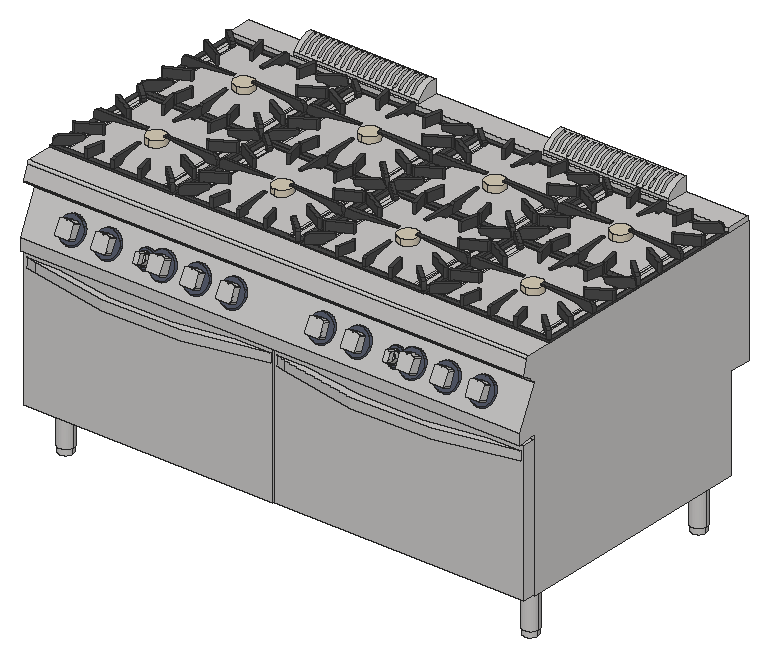
Revit family "QF_ZANUSSI_392017_Z9GCGP8SG0", category Specialty Equipment, Revit 2018
Family settings
  Round Connector Dimension = Use Diameter
  Part Type = Normal
  Work Plane-Based = No
  Always vertical = Yes
  Cut with Voids When Loaded = No
  Shared = No
  Room Calculation Point = No
Parameters
  Width = 1200 mm
  Weight in Pounds = 300  # constant formula
  Weight = 0.00 kg
  Watts = 0 W
  Volts = 0 V
  URL Manufacturer = "http://www.zanussiprofessional.com"
  URL Cutsheet = "www.electrolux.com"
  URL = "http://www.zanussiprofessional.com"
  Type Mark [instance] = ""
  Steam Supply Size = 0"
  Steam Supply Minimum Pressure = 0.00 psi
  Steam Supply Maximum Pressure = 0.00 psi
  Steam Pounds per Hour = 0
  Status [instance] = ""
  Specification by User [instance] = ""
  Specification by Manufacturer = ""
  Show Logo [instance] = yes
  Show Clearance [instance] = yes
  Serial Number = ""
  Seismic Rating = ""
  SMACNA No = ""
  Revision Code [instance] = ""
  Refrigeration Suction Line Size = 0"
  Refrigeration Liquid Line Size = 0"
  Refrigerant Compressor Remote = yes
  Phase = 0
  Omniclass Number and Title = ""
  NAFEM Spec ID Number = ""
  Model = "Z9GCGP8SG0"
  Mechanical Remarks [instance] = ""
  Mechanical Connection Type [instance] = ""
  Masterspec = ""
  Manufacturer = "Zanussi"
  Length Actual = 1600 mm  # constant formula
  Item Number [instance] = "392017"
  Installed By [instance] = ""
  Identify Quantity as Lot [instance] = yes
  Hot Water Size = 0"
  Height Actual = 850 mm  # constant formula
  Height = 908 mm
  HP = "0 HP"
  Gas Size = 1/2"  # constant formula
  Gas RI Height [instance] = 0 mm
  Gas KW [instance] = 73  # constant formula
  Gas Input [instance] = 2.44723 Btu/h
  Gas Connection Height = 0 mm
  Furnished By [instance] = ""
  Foodservice Equipment Identifier [instance] = yes
  Direct Waste Size = 0"
  Description = "8-BURNER GAS RANGE+2 OVENS 1600 MM"
  Depth Actual = 900 mm  # constant formula
  Depth = 915 mm
  Cycle = 0 Hz
  Condensate Return Size = 0"
  Compressed Air Volume = 0 GPM
  Compressed Air Size = 0"
  Compressed Air Pressure = 0.00 psi
  Cold Water Size = 0"
  CSI MasterFormat = ""
  CSI Master Format = ""
  Assembly Code = ""
  Accessory = yes
Reference planes
  plane 1 "BACK": y = 0
  plane 2: z = 0
  plane 3 "LEFT": x = 0
  plane 4 "RIGHT": x = 1600
  plane 5 "FRONT": y = -700
  plane 6 "TOP": z = 908
  plane 7 "Center Y": x = 800
  plane 8 "Center X": y = -350
  plane 9 "Base": z = 150
  plane 10: z = 850
  plane 11: y = -915
  plane 12: y = -1109
  plane 13: y = -128
  plane 14: y = -802
  plane 15: y = -1310
  plane 16: y = -665
  plane 17: x = 56
  plane 18: x = 1544
  plane 19: x = 749
Forms (mm)
  Extrusion 1, solid, material "QF_Finishes_Stainless Steel"
    sketch origin (0, 0, 0) x (0, 1, 0) y (0, 0, 1)
      loop
        line (0, 450.038) -> (0, 850) -> (-879.358, 850)
        arc (-879.358, 850) -> (-884.643, 847.811) -> (-886.833, 842.526) r 7.474
        line (-886.833, 842.526) -> (-899.884, 797.011)
        arc (-899.884, 797.011) -> (-899.396, 794.379) -> (-897, 793.184) r 3
        line (-897, 793.184) -> (-886.802, 793.184) -> (-854.982, 761.364) -> (-915, 640.508) -> (-915, 605.508) -> (-858.645, 613.428)
        arc (-858.645, 613.428) -> (-856.101, 612.674) -> (-855, 610.259) r 3.2
        line (-855, 610.259) -> (-855, 150) -> (-71, 150) -> (-71, 450.038) -> (0, 450.038)
      loop
        line (-900, 600) -> (-900, 155) -> (-860, 155) -> (-860, 600) -> (-900, 600)
    from 0 to 1600
  Extrusion 2, solid, material "QF_Finishes_Stainless Steel"
    sketch origin (0, 0, 0) x (0, -1, 0) y (0, 0, 1)
      loop
        line (0, 850) -> (76.2, 850) -> (76.2, 864.288) -> (0, 864.288) -> (0, 850)
    from 0 to -1600
  Extrusion 3, solid, material "QF_Finishes_Stainless Steel"
    sketch origin (0, -852.222, 150) x (1, 0, 0) y (0, -1, 0)
      loop
        circle (1549, -187.222) r 6.4
      loop
        circle (749, -187.222) r 6.4
    from 0 to 22
  Extrusion 4, solid, material "QF_Clearances", visible <- "Show Clearance", detail levels coarse
    sketch origin (0, -200, 0) x (1, 0, 0) y (0, 1, 0)
      loop
        line (-100, -715) -> (0, -715) -> (0, 200) -> (1600, 200) -> (1600, -715) -> (1700, -715) -> (1700, 300) -> (-100, 300) -> (-100, -715)
    from 0 to 908
  Extrusion 5, solid, material "QF_Finishes_Stainless Steel"
    sketch origin (0, -852.222, 150) x (1, 0, 0) y (0, -1, 0)
      loop
        circle (1557, -276.222) r 12.7
    from 0 to 5
  Revolve 6, solid, material "QF_Finishes_Stainless Steel"
    sketch origin (1, -128, 0) x (1, 0, 0) y (0, 0, 1)
      loop
        line (55, 0) -> (55, 150) -> (29.6, 150) -> (29.6, 19.05) -> (32.1, 19.05) -> (32.1, 0) -> (55, 0)
      axis (55, 0) -> (55, 150)
    angle from 0 to 360
  Revolve 7, solid, material "QF_Finishes_Stainless Steel"
    sketch origin (1, -802, 0) x (1, 0, 0) y (0, 0, 1)
      loop
        line (55, 0) -> (55, 150) -> (29.6, 150) -> (29.6, 19.05) -> (32.1, 19.05) -> (32.1, 0) -> (55, 0)
      axis (55, 0) -> (55, 150)
    angle from 0 to 360
  Extrusion 8, solid, material "QF_Finishes_Stainless Steel"
    sketch origin (1000, -200, 590.5) x (0, 1, 0) y (0, 0, -1)
      loop
        line (200, -273.788) -> (130.15, -273.788) -> (130.15, -283.312)
        arc (130.15, -283.312) -> (160.928, -308.879) -> (200, -317.5) r 84.854
        line (200, -317.5) -> (200, -273.788)
    from 400 to 800
  Extrusion 9, void
    sketch origin (1265.011, 0, 865.138) x (1, 0, 0) y (0, 1, 0)
      loop
        line (-695.005, -6.761) -> (-695.005, -63.911) -> (-685.709, -63.911) -> (-685.709, -6.761) -> (-695.005, -6.761)
      loop
        line (-713.697, -6.761) -> (-713.697, -63.911) -> (-704.401, -63.911) -> (-704.401, -6.761) -> (-713.697, -6.761)
      loop
        line (-732.39, -6.761) -> (-732.39, -63.911) -> (-723.094, -63.911) -> (-723.094, -6.761) -> (-732.39, -6.761)
      loop
        line (-751.082, -6.761) -> (-751.082, -63.911) -> (-741.787, -63.911) -> (-741.787, -6.761) -> (-751.082, -6.761)
      loop
        line (-769.775, -6.761) -> (-769.775, -63.911) -> (-760.479, -63.911) -> (-760.479, -6.761) -> (-769.775, -6.761)
      loop
        line (-788.468, -6.761) -> (-788.468, -63.911) -> (-779.172, -63.911) -> (-779.172, -6.761) -> (-788.468, -6.761)
      loop
        line (-807.16, -6.761) -> (-807.16, -63.911) -> (-797.864, -63.911) -> (-797.864, -6.761) -> (-807.16, -6.761)
      loop
        line (-825.853, -6.761) -> (-825.853, -63.911) -> (-816.557, -63.911) -> (-816.557, -6.761) -> (-825.853, -6.761)
      loop
        line (-844.545, -6.761) -> (-844.545, -63.911) -> (-835.25, -63.911) -> (-835.25, -6.761) -> (-844.545, -6.761)
      loop
        line (-863.238, -6.761) -> (-863.238, -63.911) -> (-853.942, -63.911) -> (-853.942, -6.761) -> (-863.238, -6.761)
      loop
        line (-881.931, -6.761) -> (-881.931, -63.911) -> (-872.635, -63.911) -> (-872.635, -6.761) -> (-881.931, -6.761)
      loop
        line (-900.623, -6.761) -> (-900.623, -63.911) -> (-891.328, -63.911) -> (-891.328, -6.761) -> (-900.623, -6.761)
      loop
        line (-919.316, -6.761) -> (-919.316, -63.911) -> (-910.02, -63.911) -> (-910.02, -6.761) -> (-919.316, -6.761)
      loop
        line (-938.008, -6.761) -> (-938.008, -63.911) -> (-928.713, -63.911) -> (-928.713, -6.761) -> (-938.008, -6.761)
      loop
        line (-956.701, -6.761) -> (-956.701, -63.911) -> (-947.405, -63.911) -> (-947.405, -6.761) -> (-956.701, -6.761)
      loop
        line (-975.394, -6.761) -> (-975.394, -63.911) -> (-966.098, -63.911) -> (-966.098, -6.761) -> (-975.394, -6.761)
      loop
        line (-994.086, -6.761) -> (-994.086, -63.911) -> (-984.791, -63.911) -> (-984.791, -6.761) -> (-994.086, -6.761)
      loop
        line (-1012.779, -6.761) -> (-1012.779, -63.911) -> (-1003.483, -63.911) -> (-1003.483, -6.761) -> (-1012.779, -6.761)
      loop
        line (-1031.472, -6.761) -> (-1031.472, -63.911) -> (-1022.176, -63.911) -> (-1022.176, -6.761) -> (-1031.472, -6.761)
      loop
        line (-1050.164, -6.761) -> (-1050.164, -63.911) -> (-1040.868, -63.911) -> (-1040.868, -6.761) -> (-1050.164, -6.761)
    from 9.525 to 45.348
  Revolve 10, solid, material "QF_Finishes_Stainless Steel"
    sketch origin (1599, -128, 0) x (-1, 0, 0) y (0, 0, -1)
      loop
        line (55, 0) -> (32.1, 0) -> (32.1, -19.05) -> (29.6, -19.05) -> (29.6, -150) -> (55, -150) -> (55, 0)
      axis (55, 0) -> (55, -150)
    angle from 0 to 360
  Revolve 11, solid, material "QF_Finishes_Stainless Steel"
    sketch origin (1599, -802, 0) x (-1, 0, 0) y (0, 0, -1)
      loop
        line (55, 0) -> (32.1, 0) -> (32.1, -19.05) -> (29.6, -19.05) -> (29.6, -150) -> (55, -150) -> (55, 0)
      axis (55, 0) -> (55, -150)
    angle from 0 to 360
  Extrusion 12, solid, material "QF_Finishes_Stainless Steel"
    sketch origin (1800, -200, 590.5) x (0, 1, 0) y (0, 0, -1)
      loop
        line (200, -273.788) -> (130.15, -273.788) -> (130.15, -283.312)
        arc (130.15, -283.312) -> (160.928, -308.879) -> (200, -317.5) r 84.854
        line (200, -317.5) -> (200, -273.788)
    from 400 to 800
  Extrusion 13, void
    sketch origin (2065.011, 0, 865.138) x (1, 0, 0) y (0, 1, 0)
      loop
        line (-695.005, -6.761) -> (-695.005, -63.911) -> (-685.709, -63.911) -> (-685.709, -6.761) -> (-695.005, -6.761)
      loop
        line (-713.697, -6.761) -> (-713.697, -63.911) -> (-704.401, -63.911) -> (-704.401, -6.761) -> (-713.697, -6.761)
      loop
        line (-732.39, -6.761) -> (-732.39, -63.911) -> (-723.094, -63.911) -> (-723.094, -6.761) -> (-732.39, -6.761)
      loop
        line (-751.082, -6.761) -> (-751.082, -63.911) -> (-741.787, -63.911) -> (-741.787, -6.761) -> (-751.082, -6.761)
      loop
        line (-769.775, -6.761) -> (-769.775, -63.911) -> (-760.479, -63.911) -> (-760.479, -6.761) -> (-769.775, -6.761)
      loop
        line (-788.468, -6.761) -> (-788.468, -63.911) -> (-779.172, -63.911) -> (-779.172, -6.761) -> (-788.468, -6.761)
      loop
        line (-807.16, -6.761) -> (-807.16, -63.911) -> (-797.864, -63.911) -> (-797.864, -6.761) -> (-807.16, -6.761)
      loop
        line (-825.853, -6.761) -> (-825.853, -63.911) -> (-816.557, -63.911) -> (-816.557, -6.761) -> (-825.853, -6.761)
      loop
        line (-844.545, -6.761) -> (-844.545, -63.911) -> (-835.25, -63.911) -> (-835.25, -6.761) -> (-844.545, -6.761)
      loop
        line (-863.238, -6.761) -> (-863.238, -63.911) -> (-853.942, -63.911) -> (-853.942, -6.761) -> (-863.238, -6.761)
      loop
        line (-881.931, -6.761) -> (-881.931, -63.911) -> (-872.635, -63.911) -> (-872.635, -6.761) -> (-881.931, -6.761)
      loop
        line (-900.623, -6.761) -> (-900.623, -63.911) -> (-891.328, -63.911) -> (-891.328, -6.761) -> (-900.623, -6.761)
      loop
        line (-919.316, -6.761) -> (-919.316, -63.911) -> (-910.02, -63.911) -> (-910.02, -6.761) -> (-919.316, -6.761)
      loop
        line (-938.008, -6.761) -> (-938.008, -63.911) -> (-928.713, -63.911) -> (-928.713, -6.761) -> (-938.008, -6.761)
      loop
        line (-956.701, -6.761) -> (-956.701, -63.911) -> (-947.405, -63.911) -> (-947.405, -6.761) -> (-956.701, -6.761)
      loop
        line (-975.394, -6.761) -> (-975.394, -63.911) -> (-966.098, -63.911) -> (-966.098, -6.761) -> (-975.394, -6.761)
      loop
        line (-994.086, -6.761) -> (-994.086, -63.911) -> (-984.791, -63.911) -> (-984.791, -6.761) -> (-994.086, -6.761)
      loop
        line (-1012.779, -6.761) -> (-1012.779, -63.911) -> (-1003.483, -63.911) -> (-1003.483, -6.761) -> (-1012.779, -6.761)
      loop
        line (-1031.472, -6.761) -> (-1031.472, -63.911) -> (-1022.176, -63.911) -> (-1022.176, -6.761) -> (-1031.472, -6.761)
      loop
        line (-1050.164, -6.761) -> (-1050.164, -63.911) -> (-1040.868, -63.911) -> (-1040.868, -6.761) -> (-1050.164, -6.761)
    from 9.525 to 45.348
  Blend 14, solid, material "QF_Finishes_Navy Blue"
    base sketch origin (1232.5, -884.991, 700.936) x (1, 0, 0) y (0, 0.446333, 0.894867)
      loop
        arc (-35.05, -24.037) -> (42.5, 0) -> (-35.05, 24.037) r 42.5
        arc (-35.05, 24.037) -> (-83, 0) -> (-35.05, -24.037) r 30
    top sketch origin (1232.5, -884.991, 700.936) x (1, 0, 0) y (0, 0.446333, 0.894867)
      loop
        arc (-34.578, -21.086) -> (40.5, 0) -> (-34.578, 21.086) r 40.5
        arc (-34.578, 21.086) -> (-81, 0) -> (-34.578, -21.086) r 28
    from 0 to 5
  Extrusion 15, solid, material "QF_Finishes_Stainless Steel"
    sketch origin (1000, -884.991, 700.936) x (1, 0, 0) y (0, 0.446333, 0.894867)
      loop
        circle (177.499, -0.341) r 20
    from 5 to 10
  Extrusion 16, void
    sketch origin (1232.5, -884.991, 700.936) x (1, 0, 0) y (0, -0.894867, 0.446333)
      loop
        line (-62.999, 24.837) -> (-62.999, 40) -> (-71.893, 40) -> (-71.893, 22) -> (-65.835, 22)
        arc (-65.835, 22) -> (-63.827, 22.828) -> (-62.999, 24.837) r 2.827
      loop
        arc (-47.003, 24.837) -> (-46.175, 22.828) -> (-44.167, 22) r 2.827
        line (-44.167, 22) -> (-38.109, 22) -> (-38.109, 40) -> (-47.003, 40) -> (-47.003, 24.837)
    from -20.019 to 20.019
  Extrusion 17, solid, material "QF_Finishes_Stainless Steel"
    sketch origin (1000, -884.991, 700.936) x (1, 0, 0) y (0, 0.446333, 0.894867)
      loop
        arc (211.353, 22.789) -> (210.006, 21.685) -> (209.5, 20.019) r 2.997
        line (209.5, 20.019) -> (209.5, -20.019)
        arc (209.5, -20.019) -> (210.378, -22.138) -> (212.497, -23.016) r 2.997
        line (212.497, -23.016) -> (252.503, -23.016)
        arc (252.503, -23.016) -> (254.622, -22.138) -> (255.5, -20.019) r 2.997
        line (255.5, -20.019) -> (255.5, 20.019)
        arc (255.5, 20.019) -> (254.994, 21.685) -> (253.647, 22.789) r 2.997
        arc (253.647, 22.789) -> (232.5, 26.984) -> (211.353, 22.789) r 55.4
    from 5 to 34
  Blend 18, solid, material "QF_Finishes_Navy Blue"
    base sketch origin (1342.5, -884.991, 700.936) x (1, 0, 0) y (0, 0.446333, 0.894867)
      loop
        circle (0, 0) r 42.5
    top sketch origin (1342.5, -884.991, 700.936) x (1, 0, 0) y (0, 0.446333, 0.894867)
      loop
        circle (0, 0) r 40.5
    from 0 to 5
  Extrusion 19, solid, material "QF_Finishes_Stainless Steel"
    sketch origin (1342.5, -884.991, 700.936) x (1, 0, 0) y (0, 0.446333, 0.894867)
      loop
        arc (-21.147, 22.789) -> (-22.494, 21.685) -> (-23, 20.019) r 2.997
        line (-23, 20.019) -> (-23, -20.019)
        arc (-23, -20.019) -> (-22.122, -22.138) -> (-20.003, -23.016) r 2.997
        line (-20.003, -23.016) -> (20.003, -23.016)
        arc (20.003, -23.016) -> (22.122, -22.138) -> (23, -20.019) r 2.997
        line (23, -20.019) -> (23, 20.019)
        arc (23, 20.019) -> (22.494, 21.685) -> (21.147, 22.789) r 2.997
        arc (21.147, 22.789) -> (0, 26.984) -> (-21.147, 22.789) r 55.4
    from 10 to 34
  Extrusion 20, solid, material "QF_Plastic-Black-Matte"
    sketch origin (1400, -884.991, 700.936) x (0, 0.446333, 0.894867) y (0, -0.894867, 0.446333)
      loop
        line (26.984, 34) -> (26.984, 19) -> (27.984, 19) -> (27.984, 34)
        arc (27.984, 34) -> (27.691, 34.707) -> (26.984, 35) r 1
        line (26.984, 35) -> (23.984, 35) -> (23.984, 34) -> (26.984, 34)
    from -58.5 to -56.5
  Extrusion 21, solid, material "QF_Finishes_Stainless Steel"
    sketch origin (1342.5, -884.991, 700.936) x (1, 0, 0) y (0, 0.446333, 0.894867)
      loop
        line (17.5, 17.5) -> (-17.5, 17.5) -> (-17.5, -17.5) -> (17.5, -17.5) -> (17.5, 17.5)
    from 5 to 10
  Extrusion 22, solid, material "QF_Plastic-Black-Matte"
    sketch origin (1400, -884.991, 700.936) x (0, 0.446333, 0.894867) y (0, 0.894867, -0.446333)
      loop
        line (26.984, -34) -> (23.984, -34) -> (23.984, -35) -> (26.984, -35)
        arc (26.984, -35) -> (27.691, -34.707) -> (27.984, -34) r 1
        line (27.984, -34) -> (27.984, -19) -> (26.984, -19) -> (26.984, -34)
    from -58.5 to -56.5
  Extrusion 23, solid, material "QF_Finishes_Stainless Steel"
    sketch origin (1457.5, -884.991, 700.936) x (-1, 0, 0) y (0, -0.446333, -0.894867)
      loop
        line (17.5, -17.5) -> (17.5, 17.5) -> (-17.5, 17.5) -> (-17.5, -17.5) -> (17.5, -17.5)
    from 5 to 10
  Blend 24, solid, material "QF_Finishes_Navy Blue"
    base sketch origin (1457.5, -884.991, 700.936) x (1, 0, 0) y (0, 0.446333, 0.894867)
      loop
        circle (0, 0) r 42.5
    top sketch origin (1457.5, -884.991, 700.936) x (1, 0, 0) y (0, 0.446333, 0.894867)
      loop
        circle (0, 0) r 40.5
    from 0 to 5
  Extrusion 25, solid, material "QF_Finishes_Stainless Steel"
    sketch origin (1457.5, -884.991, 700.936) x (-1, 0, 0) y (0, -0.446333, -0.894867)
      loop
        arc (-21.147, -22.789) -> (0, -26.984) -> (21.147, -22.789) r 55.4
        arc (21.147, -22.789) -> (22.494, -21.685) -> (23, -20.019) r 2.997
        line (23, -20.019) -> (23, 20.019)
        arc (23, 20.019) -> (22.122, 22.138) -> (20.003, 23.016) r 2.997
        line (20.003, 23.016) -> (-20.003, 23.016)
        arc (-20.003, 23.016) -> (-22.122, 22.138) -> (-23, 20.019) r 2.997
        line (-23, 20.019) -> (-23, -20.019)
        arc (-23, -20.019) -> (-22.494, -21.685) -> (-21.147, -22.789) r 2.997
    from 10 to 34
  Extrusion 26, solid, material "QF_Finishes_Stainless Steel"
    sketch origin (1000, -884.991, 700.936) x (1, 0, 0) y (0, 0.446333, 0.894867)
      loop
        circle (177.499, -0.341) r 16
    from 10 to 40
  Extrusion 27, solid, material "QF_Plastic-Black-Matte"
    sketch origin (1290, -884.991, 700.936) x (0, 0.446333, 0.894867) y (0, -0.894867, 0.446333)
      loop
        line (26.984, 34) -> (26.984, 19) -> (27.984, 19) -> (27.984, 34)
        arc (27.984, 34) -> (27.691, 34.707) -> (26.984, 35) r 1
        line (26.984, 35) -> (23.984, 35) -> (23.984, 34) -> (26.984, 34)
    from -58.5 to -56.5
  Blend 28, solid, material "QF_Finishes_Navy Blue"
    base sketch origin (942.5, -884.991, 700.936) x (1, 0, 0) y (0, 0.446333, 0.894867)
      loop
        circle (0, 0) r 42.5
    top sketch origin (942.5, -884.991, 700.936) x (1, 0, 0) y (0, 0.446333, 0.894867)
      loop
        circle (0, 0) r 40.5
    from 0 to 5
  Extrusion 29, solid, material "QF_Finishes_Stainless Steel"
    sketch origin (942.5, -884.991, 700.936) x (1, 0, 0) y (0, 0.446333, 0.894867)
      loop
        arc (-21.147, 22.789) -> (-22.494, 21.685) -> (-23, 20.019) r 2.997
        line (-23, 20.019) -> (-23, -20.019)
        arc (-23, -20.019) -> (-22.122, -22.138) -> (-20.003, -23.016) r 2.997
        line (-20.003, -23.016) -> (20.003, -23.016)
        arc (20.003, -23.016) -> (22.122, -22.138) -> (23, -20.019) r 2.997
        line (23, -20.019) -> (23, 20.019)
        arc (23, 20.019) -> (22.494, 21.685) -> (21.147, 22.789) r 2.997
        arc (21.147, 22.789) -> (0, 26.984) -> (-21.147, 22.789) r 55.4
    from 10 to 34
  Extrusion 30, solid, material "QF_Plastic-Black-Matte"
    sketch origin (1000, -884.991, 700.936) x (0, 0.446333, 0.894867) y (0, -0.894867, 0.446333)
      loop
        line (26.984, 34) -> (26.984, 19) -> (27.984, 19) -> (27.984, 34)
        arc (27.984, 34) -> (27.691, 34.707) -> (26.984, 35) r 1
        line (26.984, 35) -> (23.984, 35) -> (23.984, 34) -> (26.984, 34)
    from -58.5 to -56.5
  Extrusion 31, solid, material "QF_Finishes_Stainless Steel"
    sketch origin (942.5, -884.991, 700.936) x (1, 0, 0) y (0, 0.446333, 0.894867)
      loop
        line (17.5, 17.5) -> (-17.5, 17.5) -> (-17.5, -17.5) -> (17.5, -17.5) -> (17.5, 17.5)
    from 5 to 10
  Extrusion 32, solid, material "QF_Plastic-Black-Matte"
    sketch origin (1000, -884.991, 700.936) x (0, 0.446333, 0.894867) y (0, 0.894867, -0.446333)
      loop
        line (26.984, -34) -> (23.984, -34) -> (23.984, -35) -> (26.984, -35)
        arc (26.984, -35) -> (27.691, -34.707) -> (27.984, -34) r 1
        line (27.984, -34) -> (27.984, -19) -> (26.984, -19) -> (26.984, -34)
    from -58.5 to -56.5
  Extrusion 33, solid, material "QF_Finishes_Stainless Steel"
    sketch origin (1057.5, -884.991, 700.936) x (-1, 0, 0) y (0, -0.446333, -0.894867)
      loop
        line (17.5, -17.5) -> (17.5, 17.5) -> (-17.5, 17.5) -> (-17.5, -17.5) -> (17.5, -17.5)
    from 5 to 10
  Blend 34, solid, material "QF_Finishes_Navy Blue"
    base sketch origin (1057.5, -884.991, 700.936) x (1, 0, 0) y (0, 0.446333, 0.894867)
      loop
        circle (0, 0) r 42.5
    top sketch origin (1057.5, -884.991, 700.936) x (1, 0, 0) y (0, 0.446333, 0.894867)
      loop
        circle (0, 0) r 40.5
    from 0 to 5
  Extrusion 35, solid, material "QF_Finishes_Stainless Steel"
    sketch origin (1057.5, -884.991, 700.936) x (-1, 0, 0) y (0, -0.446333, -0.894867)
      loop
        arc (-21.147, -22.789) -> (0, -26.984) -> (21.147, -22.789) r 55.4
        arc (21.147, -22.789) -> (22.494, -21.685) -> (23, -20.019) r 2.997
        line (23, -20.019) -> (23, 20.019)
        arc (23, 20.019) -> (22.122, 22.138) -> (20.003, 23.016) r 2.997
        line (20.003, 23.016) -> (-20.003, 23.016)
        arc (-20.003, 23.016) -> (-22.122, 22.138) -> (-23, 20.019) r 2.997
        line (-23, 20.019) -> (-23, -20.019)
        arc (-23, -20.019) -> (-22.494, -21.685) -> (-21.147, -22.789) r 2.997
    from 10 to 34
  Blend 36, solid, material "QF_Finishes_Navy Blue"
    base sketch origin (432.5, -884.991, 700.936) x (1, 0, 0) y (0, 0.446333, 0.894867)
      loop
        arc (-35.05, -24.037) -> (42.5, 0) -> (-35.05, 24.037) r 42.5
        arc (-35.05, 24.037) -> (-83, 0) -> (-35.05, -24.037) r 30
    top sketch origin (432.5, -884.991, 700.936) x (1, 0, 0) y (0, 0.446333, 0.894867)
      loop
        arc (-34.578, -21.086) -> (40.5, 0) -> (-34.578, 21.086) r 40.5
        arc (-34.578, 21.086) -> (-81, 0) -> (-34.578, -21.086) r 28
    from 0 to 5
  Extrusion 37, solid, material "QF_Finishes_Stainless Steel"
    sketch origin (200, -884.991, 700.936) x (1, 0, 0) y (0, 0.446333, 0.894867)
      loop
        circle (177.499, -0.341) r 20
    from 5 to 10
  Extrusion 38, void
    sketch origin (432.5, -884.991, 700.936) x (1, 0, 0) y (0, -0.894867, 0.446333)
      loop
        line (-62.999, 24.837) -> (-62.999, 40) -> (-71.893, 40) -> (-71.893, 22) -> (-65.835, 22)
        arc (-65.835, 22) -> (-63.827, 22.828) -> (-62.999, 24.837) r 2.827
      loop
        arc (-47.003, 24.837) -> (-46.175, 22.828) -> (-44.167, 22) r 2.827
        line (-44.167, 22) -> (-38.109, 22) -> (-38.109, 40) -> (-47.003, 40) -> (-47.003, 24.837)
    from -20.019 to 20.019
  Extrusion 39, solid, material "QF_Finishes_Stainless Steel"
    sketch origin (200, -884.991, 700.936) x (1, 0, 0) y (0, 0.446333, 0.894867)
      loop
        arc (211.353, 22.789) -> (210.006, 21.685) -> (209.5, 20.019) r 2.997
        line (209.5, 20.019) -> (209.5, -20.019)
        arc (209.5, -20.019) -> (210.378, -22.138) -> (212.497, -23.016) r 2.997
        line (212.497, -23.016) -> (252.503, -23.016)
        arc (252.503, -23.016) -> (254.622, -22.138) -> (255.5, -20.019) r 2.997
        line (255.5, -20.019) -> (255.5, 20.019)
        arc (255.5, 20.019) -> (254.994, 21.685) -> (253.647, 22.789) r 2.997
        arc (253.647, 22.789) -> (232.5, 26.984) -> (211.353, 22.789) r 55.4
    from 5 to 34
  Blend 40, solid, material "QF_Finishes_Navy Blue"
    base sketch origin (542.5, -884.991, 700.936) x (1, 0, 0) y (0, 0.446333, 0.894867)
      loop
        circle (0, 0) r 42.5
    top sketch origin (542.5, -884.991, 700.936) x (1, 0, 0) y (0, 0.446333, 0.894867)
      loop
        circle (0, 0) r 40.5
    from 0 to 5
  Extrusion 41, solid, material "QF_Finishes_Stainless Steel"
    sketch origin (542.5, -884.991, 700.936) x (1, 0, 0) y (0, 0.446333, 0.894867)
      loop
        arc (-21.147, 22.789) -> (-22.494, 21.685) -> (-23, 20.019) r 2.997
        line (-23, 20.019) -> (-23, -20.019)
        arc (-23, -20.019) -> (-22.122, -22.138) -> (-20.003, -23.016) r 2.997
        line (-20.003, -23.016) -> (20.003, -23.016)
        arc (20.003, -23.016) -> (22.122, -22.138) -> (23, -20.019) r 2.997
        line (23, -20.019) -> (23, 20.019)
        arc (23, 20.019) -> (22.494, 21.685) -> (21.147, 22.789) r 2.997
        arc (21.147, 22.789) -> (0, 26.984) -> (-21.147, 22.789) r 55.4
    from 10 to 34
  Extrusion 42, solid, material "QF_Plastic-Black-Matte"
    sketch origin (600, -884.991, 700.936) x (0, 0.446333, 0.894867) y (0, -0.894867, 0.446333)
      loop
        line (26.984, 34) -> (26.984, 19) -> (27.984, 19) -> (27.984, 34)
        arc (27.984, 34) -> (27.691, 34.707) -> (26.984, 35) r 1
        line (26.984, 35) -> (23.984, 35) -> (23.984, 34) -> (26.984, 34)
    from -58.5 to -56.5
  Extrusion 43, solid, material "QF_Finishes_Stainless Steel"
    sketch origin (542.5, -884.991, 700.936) x (1, 0, 0) y (0, 0.446333, 0.894867)
      loop
        line (17.5, 17.5) -> (-17.5, 17.5) -> (-17.5, -17.5) -> (17.5, -17.5) -> (17.5, 17.5)
    from 5 to 10
  Extrusion 44, solid, material "QF_Plastic-Black-Matte"
    sketch origin (600, -884.991, 700.936) x (0, 0.446333, 0.894867) y (0, 0.894867, -0.446333)
      loop
        line (26.984, -34) -> (23.984, -34) -> (23.984, -35) -> (26.984, -35)
        arc (26.984, -35) -> (27.691, -34.707) -> (27.984, -34) r 1
        line (27.984, -34) -> (27.984, -19) -> (26.984, -19) -> (26.984, -34)
    from -58.5 to -56.5
  Extrusion 45, solid, material "QF_Finishes_Stainless Steel"
    sketch origin (657.5, -884.991, 700.936) x (-1, 0, 0) y (0, -0.446333, -0.894867)
      loop
        line (17.5, -17.5) -> (17.5, 17.5) -> (-17.5, 17.5) -> (-17.5, -17.5) -> (17.5, -17.5)
    from 5 to 10
  Blend 46, solid, material "QF_Finishes_Navy Blue"
    base sketch origin (657.5, -884.991, 700.936) x (1, 0, 0) y (0, 0.446333, 0.894867)
      loop
        circle (0, 0) r 42.5
    top sketch origin (657.5, -884.991, 700.936) x (1, 0, 0) y (0, 0.446333, 0.894867)
      loop
        circle (0, 0) r 40.5
    from 0 to 5
  Extrusion 47, solid, material "QF_Finishes_Stainless Steel"
    sketch origin (657.5, -884.991, 700.936) x (-1, 0, 0) y (0, -0.446333, -0.894867)
      loop
        arc (-21.147, -22.789) -> (0, -26.984) -> (21.147, -22.789) r 55.4
        arc (21.147, -22.789) -> (22.494, -21.685) -> (23, -20.019) r 2.997
        line (23, -20.019) -> (23, 20.019)
        arc (23, 20.019) -> (22.122, 22.138) -> (20.003, 23.016) r 2.997
        line (20.003, 23.016) -> (-20.003, 23.016)
        arc (-20.003, 23.016) -> (-22.122, 22.138) -> (-23, 20.019) r 2.997
        line (-23, 20.019) -> (-23, -20.019)
        arc (-23, -20.019) -> (-22.494, -21.685) -> (-21.147, -22.789) r 2.997
    from 10 to 34
  Extrusion 48, solid, material "QF_Finishes_Stainless Steel"
    sketch origin (200, -884.991, 700.936) x (1, 0, 0) y (0, 0.446333, 0.894867)
      loop
        circle (177.499, -0.341) r 16
    from 10 to 40
  Extrusion 49, solid, material "QF_Plastic-Black-Matte"
    sketch origin (490, -884.991, 700.936) x (0, 0.446333, 0.894867) y (0, -0.894867, 0.446333)
      loop
        line (26.984, 34) -> (26.984, 19) -> (27.984, 19) -> (27.984, 34)
        arc (27.984, 34) -> (27.691, 34.707) -> (26.984, 35) r 1
        line (26.984, 35) -> (23.984, 35) -> (23.984, 34) -> (26.984, 34)
    from -58.5 to -56.5
  Blend 50, solid, material "QF_Finishes_Navy Blue"
    base sketch origin (142.5, -884.991, 700.936) x (1, 0, 0) y (0, 0.446333, 0.894867)
      loop
        circle (0, 0) r 42.5
    top sketch origin (142.5, -884.991, 700.936) x (1, 0, 0) y (0, 0.446333, 0.894867)
      loop
        circle (0, 0) r 40.5
    from 0 to 5
  Extrusion 51, solid, material "QF_Finishes_Stainless Steel"
    sketch origin (142.5, -884.991, 700.936) x (1, 0, 0) y (0, 0.446333, 0.894867)
      loop
        arc (-21.147, 22.789) -> (-22.494, 21.685) -> (-23, 20.019) r 2.997
        line (-23, 20.019) -> (-23, -20.019)
        arc (-23, -20.019) -> (-22.122, -22.138) -> (-20.003, -23.016) r 2.997
        line (-20.003, -23.016) -> (20.003, -23.016)
        arc (20.003, -23.016) -> (22.122, -22.138) -> (23, -20.019) r 2.997
        line (23, -20.019) -> (23, 20.019)
        arc (23, 20.019) -> (22.494, 21.685) -> (21.147, 22.789) r 2.997
        arc (21.147, 22.789) -> (0, 26.984) -> (-21.147, 22.789) r 55.4
    from 10 to 34
  Extrusion 52, solid, material "QF_Plastic-Black-Matte"
    sketch origin (200, -884.991, 700.936) x (0, 0.446333, 0.894867) y (0, -0.894867, 0.446333)
      loop
        line (26.984, 34) -> (26.984, 19) -> (27.984, 19) -> (27.984, 34)
        arc (27.984, 34) -> (27.691, 34.707) -> (26.984, 35) r 1
        line (26.984, 35) -> (23.984, 35) -> (23.984, 34) -> (26.984, 34)
    from -58.5 to -56.5
  Extrusion 53, solid, material "QF_Finishes_Stainless Steel"
    sketch origin (142.5, -884.991, 700.936) x (1, 0, 0) y (0, 0.446333, 0.894867)
      loop
        line (17.5, 17.5) -> (-17.5, 17.5) -> (-17.5, -17.5) -> (17.5, -17.5) -> (17.5, 17.5)
    from 5 to 10
  Extrusion 54, solid, material "QF_Plastic-Black-Matte"
    sketch origin (200, -884.991, 700.936) x (0, 0.446333, 0.894867) y (0, 0.894867, -0.446333)
      loop
        line (26.984, -34) -> (23.984, -34) -> (23.984, -35) -> (26.984, -35)
        arc (26.984, -35) -> (27.691, -34.707) -> (27.984, -34) r 1
        line (27.984, -34) -> (27.984, -19) -> (26.984, -19) -> (26.984, -34)
    from -58.5 to -56.5
  Extrusion 55, solid, material "QF_Finishes_Stainless Steel"
    sketch origin (257.5, -884.991, 700.936) x (-1, 0, 0) y (0, -0.446333, -0.894867)
      loop
        line (17.5, -17.5) -> (17.5, 17.5) -> (-17.5, 17.5) -> (-17.5, -17.5) -> (17.5, -17.5)
    from 5 to 10
  Blend 56, solid, material "QF_Finishes_Navy Blue"
    base sketch origin (257.5, -884.991, 700.936) x (1, 0, 0) y (0, 0.446333, 0.894867)
      loop
        circle (0, 0) r 42.5
    top sketch origin (257.5, -884.991, 700.936) x (1, 0, 0) y (0, 0.446333, 0.894867)
      loop
        circle (0, 0) r 40.5
    from 0 to 5
  Extrusion 57, solid, material "QF_Finishes_Stainless Steel"
    sketch origin (257.5, -884.991, 700.936) x (-1, 0, 0) y (0, -0.446333, -0.894867)
      loop
        arc (-21.147, -22.789) -> (0, -26.984) -> (21.147, -22.789) r 55.4
        arc (21.147, -22.789) -> (22.494, -21.685) -> (23, -20.019) r 2.997
        line (23, -20.019) -> (23, 20.019)
        arc (23, 20.019) -> (22.122, 22.138) -> (20.003, 23.016) r 2.997
        line (20.003, 23.016) -> (-20.003, 23.016)
        arc (-20.003, 23.016) -> (-22.122, 22.138) -> (-23, 20.019) r 2.997
        line (-23, 20.019) -> (-23, -20.019)
        arc (-23, -20.019) -> (-22.494, -21.685) -> (-21.147, -22.789) r 2.997
    from 10 to 34
  Extrusion 58, solid, material "QF_Finishes_Stainless Steel"
    sketch origin (0, -1051.437, 153.2) x (1, 0, 0) y (0, -1, 0)
      loop
        circle (757.1, -277.437) r 6.4
    from 0 to 3.2
  Extrusion 59, solid, material "QF_Finishes_Door Clearance", visible <- "Show Clearance", detail levels coarse
    sketch origin (0, -200, 0) x (0, 1, 0) y (0, 0, 1)
      loop
        arc (-700, 600) -> (-991.621, 457.58) -> (-1108.972, 155) r 445
        line (-1108.972, 155) -> (-700, 155) -> (-700, 600)
    from 0 to 796.85
  Extrusion 60, solid, material "QF_Finishes_Stainless Steel"
    sketch origin (0, -200, 153.2) x (-1, 0, 0) y (0, -1, 0)
      loop
        line (-790, 700) -> (-696.395, 700)
        arc (-696.395, 700) -> (-400, 735) -> (-103.605, 700) r 1272.5
        line (-103.605, 700) -> (-10, 700)
        arc (-10, 700) -> (-27.217, 705.295) -> (-44.506, 710.35) r 1297.5
        arc (-44.506, 710.35) -> (-418.013, 759.875) -> (-790, 700) r 1297.5
    from 400 to 430
  Extrusion 61, solid, material "QF_Finishes_Door Clearance", visible <- "Show Clearance", detail levels coarse
    sketch origin (800, -200, 0) x (0, 1, 0) y (0, 0, 1)
      loop
        arc (-700, 600) -> (-991.621, 457.58) -> (-1108.972, 155) r 445
        line (-1108.972, 155) -> (-700, 155) -> (-700, 600)
    from 2.5 to 800
  Extrusion 62, solid, material "QF_Finishes_Stainless Steel"
    sketch origin (800, -200, 153.2) x (-1, 0, 0) y (0, -1, 0)
      loop
        line (-790, 700) -> (-696.395, 700)
        arc (-696.395, 700) -> (-400, 735) -> (-103.605, 700) r 1272.5
        line (-103.605, 700) -> (-10, 700)
        arc (-10, 700) -> (-27.217, 705.295) -> (-44.506, 710.35) r 1297.5
        arc (-44.506, 710.35) -> (-418.013, 759.875) -> (-790, 700) r 1297.5
    from 400 to 430
  Extrusion 63, void
    sketch origin (0, -700, -3.2) x (1, 0, 0) y (0, 0, 1)
      loop
        line (797.5, 158.2) -> (802.5, 158.2) -> (802.5, 603.2) -> (797.5, 603.2) -> (797.5, 158.2)
    from 160 to 200
Cuts and joins
  Extrusion 9, Extrusion 13 cuts Extrusion 8
  Extrusion 13 cuts Extrusion 12
  Extrusion 16, Extrusion 38 cuts Extrusion 26
  Extrusion 38 cuts Extrusion 48
  Extrusion 63 cuts Extrusion 1
  Extrusion 63 cuts Extrusion 59
  Extrusion 63 cuts Extrusion 61
Lines and regions (mm)
  Split face 1
    outline origin (1232.5, -889.465, 703.168) x (1, 0, 0) y (0, 0.446333, 0.894867)
      loop
        circle (0, 33) r 1
  Split face 2
    outline origin (1232.5, -889.465, 703.168) x (1, 0, 0) y (0, 0.446333, 0.894867)
      loop
        circle (-8.541, 31.876) r 1
  Split face 3
    outline origin (1232.5, -889.465, 703.168) x (1, 0, 0) y (0, 0.446333, 0.894867)
      loop
        circle (-16.5, 28.579) r 1
  Split face 4
    outline origin (1232.5, -889.465, 703.168) x (1, 0, 0) y (0, 0.446333, 0.894867)
      loop
        circle (-23.335, 23.335) r 1
  Split face 5
    outline origin (1232.5, -889.465, 703.168) x (1, 0, 0) y (0, 0.446333, 0.894867)
      loop
        circle (-28.579, 16.5) r 1
  Split face 6
    outline origin (1232.5, -889.465, 703.168) x (1, 0, 0) y (0, 0.446333, 0.894867)
      loop
        circle (-31.876, 8.541) r 1
  Split face 7
    outline origin (1232.5, -889.465, 703.168) x (1, 0, 0) y (0, 0.446333, 0.894867)
      loop
        circle (-33, 0) r 1
  Split face 8
    outline origin (1232.5, -889.465, 703.168) x (-1, 0, 0) y (0, 0.446333, 0.894867)
      loop
        circle (-8.541, 31.876) r 1
  Split face 9
    outline origin (1232.5, -889.465, 703.168) x (-1, 0, 0) y (0, 0.446333, 0.894867)
      loop
        circle (-16.5, 28.579) r 1
  Split face 10
    outline origin (1232.5, -889.465, 703.168) x (-1, 0, 0) y (0, 0.446333, 0.894867)
      loop
        circle (-23.335, 23.335) r 1
  Split face 11
    outline origin (1232.5, -889.465, 703.168) x (-1, 0, 0) y (0, 0.446333, 0.894867)
      loop
        circle (-28.579, 16.5) r 1
  Split face 12
    outline origin (1232.5, -889.465, 703.168) x (-1, 0, 0) y (0, 0.446333, 0.894867)
      loop
        circle (-31.876, 8.541) r 1
  Split face 13
    outline origin (1232.5, -889.465, 703.168) x (1, 0, 0) y (0, -0.446333, -0.894867)
      loop
        circle (0, 33) r 1
  Split face 14
    outline origin (1232.5, -889.465, 703.168) x (1, 0, 0) y (0, -0.446333, -0.894867)
      loop
        circle (-8.541, 31.876) r 1
  Split face 15
    outline origin (1232.5, -889.465, 703.168) x (1, 0, 0) y (0, -0.446333, -0.894867)
      loop
        circle (-16.5, 28.579) r 1
  Split face 16
    outline origin (1232.5, -889.465, 703.168) x (1, 0, 0) y (0, -0.446333, -0.894867)
      loop
        circle (-23.335, 23.335) r 1
  Split face 17
    outline origin (1232.5, -889.465, 703.168) x (1, 0, 0) y (0, -0.446333, -0.894867)
      loop
        circle (-28.579, 16.5) r 1
  Split face 18
    outline origin (1232.5, -889.465, 703.168) x (1, 0, 0) y (0, -0.446333, -0.894867)
      loop
        circle (-31.876, 8.541) r 1
  Split face 19
    outline origin (1232.5, -889.465, 703.168) x (-1, 0, 0) y (0, -0.446333, -0.894867)
      loop
        circle (-8.541, 31.876) r 1
  Split face 20
    outline origin (1232.5, -889.465, 703.168) x (-1, 0, 0) y (0, -0.446333, -0.894867)
      loop
        circle (-16.5, 28.579) r 1
  Split face 21
    outline origin (1232.5, -889.465, 703.168) x (-1, 0, 0) y (0, -0.446333, -0.894867)
      loop
        circle (-23.335, 23.335) r 1
  Split face 22
    outline origin (1232.5, -889.465, 703.168) x (-1, 0, 0) y (0, -0.446333, -0.894867)
      loop
        circle (-28.579, 16.5) r 1
  Split face 23
    outline origin (1232.5, -889.465, 703.168) x (-1, 0, 0) y (0, -0.446333, -0.894867)
      loop
        circle (-31.876, 8.541) r 1
  Split face 24
    outline origin (1232.5, -889.465, 703.168) x (1, 0, 0) y (0, 0.446333, 0.894867)
      loop
        circle (33, 0) r 1
  Split face 25
    outline origin (1232.5, -889.465, 703.168) x (1, 0, 0) y (0, 0.446333, 0.894867)
      loop
        circle (-55.001, 22) r 1.508
  Split face 26
    outline origin (1232.5, -889.465, 703.168) x (1, 0, 0) y (0, 0.446333, 0.894867)
      loop
        circle (-77.001, 0) r 1.343
  Split face 27
    outline origin (1232.5, -889.465, 703.168) x (1, 0, 0) y (0, 0.446333, 0.894867)
      loop
        line (-56.273, -20.786) -> (-56.273, -25.164) -> (-53.729, -25.164) -> (-53.729, -20.786) -> (-56.273, -20.786)
  Split face 28
    outline origin (1342.5, -889.465, 703.168) x (1, 0, 0) y (0, 0.446333, 0.894867)
      loop
        circle (-33, 0) r 3
  Split face 29
    outline origin (1463.401, -889.465, 703.168) x (1, 0, 0) y (0, 0.446333, 0.894867)
      loop
        line (-8.901, 38.561) -> (-8.901, 28.561) -> (-2.901, 28.561) -> (-2.901, 38.561) -> (-8.901, 38.561)
  Split face 30
    outline origin (1463.401, -889.465, 703.168) x (1, 0, 0) y (0, 0.446333, 0.894867)
      loop
        line (-8.401, 38.061) -> (-8.401, 29.061) -> (-3.401, 29.061) -> (-3.401, 38.061) -> (-8.401, 38.061)
  Split face 31
    outline origin (1463.401, -889.465, 703.168) x (1, 0, 0) y (0, 0.446333, 0.894867)
      loop
        line (-8.401, 33.561) -> (-3.401, 33.561)
  Split face 32
    outline origin (1463.401, -889.465, 703.168) x (1, 0, 0) y (0, 0.446333, 0.894867)
      loop
        line (-8.401, 33.061) -> (-3.401, 33.061)
  Split face 33
    outline origin (1348.401, -889.465, 703.168) x (1, 0, 0) y (0, 0.446333, 0.894867)
      loop
        line (-8.901, 38.561) -> (-8.901, 28.561) -> (-2.901, 28.561) -> (-2.901, 38.561) -> (-8.901, 38.561)
  Split face 34
    outline origin (1348.401, -889.465, 703.168) x (1, 0, 0) y (0, 0.446333, 0.894867)
      loop
        line (-8.401, 38.061) -> (-8.401, 29.061) -> (-3.401, 29.061) -> (-3.401, 38.061) -> (-8.401, 38.061)
  Split face 35
    outline origin (1348.401, -889.465, 703.168) x (1, 0, 0) y (0, 0.446333, 0.894867)
      loop
        line (-8.401, 34.061) -> (-3.401, 34.061)
  Split face 36
    outline origin (1348.401, -889.465, 703.168) x (1, 0, 0) y (0, 0.446333, 0.894867)
      loop
        line (-8.401, 33.561) -> (-3.401, 33.561)
  Split face 37
    outline origin (1368.157, -875.106, 731.958) x (-1, 0, 0) y (0, -0.446333, -0.894867)
      loop
        circle (43.456, 61.543) r 1.5
  Split face 38
    outline origin (1348.401, -889.465, 703.168) x (1, 0, 0) y (0, 0.446333, 0.894867)
      loop
        circle (-5.901, 31.311) r 2.029
  Split face 39
    outline origin (1463.401, -889.465, 703.168) x (1, 0, 0) y (0, 0.446333, 0.894867)
      loop
        circle (-5.901, 35.811) r 2.031
  Split face 40
    outline origin (1342.5, -889.465, 703.168) x (1, 0, 0) y (0, 0.446333, 0.894867)
      loop
        circle (-24.487, 26.694) r 3.497
  Split face 41
    outline origin (1457.5, -889.465, 703.168) x (1, 0, 0) y (0, 0.446333, 0.894867)
      loop
        circle (-24.487, 26.694) r 3.497
  Split face 42
    outline origin (1457.5, -889.465, 703.168) x (1, 0, 0) y (0, 0.446333, 0.894867)
      loop
        circle (-33, 0) r 3
  Split face 43
    outline origin (1457.5, -889.465, 703.168) x (1, 0, 0) y (0, 0.446333, 0.894867)
      loop
        circle (-17.8, -29.371) r 1.5
  Split face 44
    outline origin (942.5, -889.465, 703.168) x (1, 0, 0) y (0, 0.446333, 0.894867)
      loop
        circle (-33, 0) r 3
  Split face 45
    outline origin (1063.401, -889.465, 703.168) x (1, 0, 0) y (0, 0.446333, 0.894867)
      loop
        line (-8.901, 38.561) -> (-8.901, 28.561) -> (-2.901, 28.561) -> (-2.901, 38.561) -> (-8.901, 38.561)
  Split face 46
    outline origin (1063.401, -889.465, 703.168) x (1, 0, 0) y (0, 0.446333, 0.894867)
      loop
        line (-8.401, 38.061) -> (-8.401, 29.061) -> (-3.401, 29.061) -> (-3.401, 38.061) -> (-8.401, 38.061)
  Split face 47
    outline origin (1063.401, -889.465, 703.168) x (1, 0, 0) y (0, 0.446333, 0.894867)
      loop
        line (-8.401, 33.561) -> (-3.401, 33.561)
  Split face 48
    outline origin (1063.401, -889.465, 703.168) x (1, 0, 0) y (0, 0.446333, 0.894867)
      loop
        line (-8.401, 33.061) -> (-3.401, 33.061)
  Split face 49
    outline origin (948.401, -889.465, 703.168) x (1, 0, 0) y (0, 0.446333, 0.894867)
      loop
        line (-8.901, 38.561) -> (-8.901, 28.561) -> (-2.901, 28.561) -> (-2.901, 38.561) -> (-8.901, 38.561)
  Split face 50
    outline origin (948.401, -889.465, 703.168) x (1, 0, 0) y (0, 0.446333, 0.894867)
      loop
        line (-8.401, 38.061) -> (-8.401, 29.061) -> (-3.401, 29.061) -> (-3.401, 38.061) -> (-8.401, 38.061)
  Split face 51
    outline origin (948.401, -889.465, 703.168) x (1, 0, 0) y (0, 0.446333, 0.894867)
      loop
        line (-8.401, 34.061) -> (-3.401, 34.061)
  Split face 52
    outline origin (948.401, -889.465, 703.168) x (1, 0, 0) y (0, 0.446333, 0.894867)
      loop
        line (-8.401, 33.561) -> (-3.401, 33.561)
  Split face 53
    outline origin (968.157, -875.106, 731.958) x (-1, 0, 0) y (0, -0.446333, -0.894867)
      loop
        circle (43.456, 61.543) r 1.5
  Split face 54
    outline origin (948.401, -889.465, 703.168) x (1, 0, 0) y (0, 0.446333, 0.894867)
      loop
        circle (-5.901, 31.311) r 2.029
  Split face 55
    outline origin (1063.401, -889.465, 703.168) x (1, 0, 0) y (0, 0.446333, 0.894867)
      loop
        circle (-5.901, 35.811) r 2.031
  Split face 56
    outline origin (942.5, -889.465, 703.168) x (1, 0, 0) y (0, 0.446333, 0.894867)
      loop
        circle (-24.487, 26.694) r 3.497
  Split face 57
    outline origin (1057.5, -889.465, 703.168) x (1, 0, 0) y (0, 0.446333, 0.894867)
      loop
        circle (-24.487, 26.694) r 3.497
  Split face 58
    outline origin (1057.5, -889.465, 703.168) x (1, 0, 0) y (0, 0.446333, 0.894867)
      loop
        circle (-33, 0) r 3
  Split face 59
    outline origin (1057.5, -889.465, 703.168) x (1, 0, 0) y (0, 0.446333, 0.894867)
      loop
        circle (-17.8, -29.371) r 1.5
  Split face 60
    outline origin (432.5, -889.465, 703.168) x (1, 0, 0) y (0, 0.446333, 0.894867)
      loop
        circle (0, 33) r 1
  Split face 61
    outline origin (432.5, -889.465, 703.168) x (1, 0, 0) y (0, 0.446333, 0.894867)
      loop
        circle (-8.541, 31.876) r 1
  Split face 62
    outline origin (432.5, -889.465, 703.168) x (1, 0, 0) y (0, 0.446333, 0.894867)
      loop
        circle (-16.5, 28.579) r 1
  Split face 63
    outline origin (432.5, -889.465, 703.168) x (1, 0, 0) y (0, 0.446333, 0.894867)
      loop
        circle (-23.335, 23.335) r 1
  Split face 64
    outline origin (432.5, -889.465, 703.168) x (1, 0, 0) y (0, 0.446333, 0.894867)
      loop
        circle (-28.579, 16.5) r 1
  Split face 65
    outline origin (432.5, -889.465, 703.168) x (1, 0, 0) y (0, 0.446333, 0.894867)
      loop
        circle (-31.876, 8.541) r 1
  Split face 66
    outline origin (432.5, -889.465, 703.168) x (1, 0, 0) y (0, 0.446333, 0.894867)
      loop
        circle (-33, 0) r 1
  Split face 67
    outline origin (432.5, -889.465, 703.168) x (-1, 0, 0) y (0, 0.446333, 0.894867)
      loop
        circle (-8.541, 31.876) r 1
  Split face 68
    outline origin (432.5, -889.465, 703.168) x (-1, 0, 0) y (0, 0.446333, 0.894867)
      loop
        circle (-16.5, 28.579) r 1
  Split face 69
    outline origin (432.5, -889.465, 703.168) x (-1, 0, 0) y (0, 0.446333, 0.894867)
      loop
        circle (-23.335, 23.335) r 1
  Split face 70
    outline origin (432.5, -889.465, 703.168) x (-1, 0, 0) y (0, 0.446333, 0.894867)
      loop
        circle (-28.579, 16.5) r 1
  Split face 71
    outline origin (432.5, -889.465, 703.168) x (-1, 0, 0) y (0, 0.446333, 0.894867)
      loop
        circle (-31.876, 8.541) r 1
  Split face 72
    outline origin (432.5, -889.465, 703.168) x (1, 0, 0) y (0, -0.446333, -0.894867)
      loop
        circle (0, 33) r 1
  Split face 73
    outline origin (432.5, -889.465, 703.168) x (1, 0, 0) y (0, -0.446333, -0.894867)
      loop
        circle (-8.541, 31.876) r 1
  Split face 74
    outline origin (432.5, -889.465, 703.168) x (1, 0, 0) y (0, -0.446333, -0.894867)
      loop
        circle (-16.5, 28.579) r 1
  Split face 75
    outline origin (432.5, -889.465, 703.168) x (1, 0, 0) y (0, -0.446333, -0.894867)
      loop
        circle (-23.335, 23.335) r 1
  Split face 76
    outline origin (432.5, -889.465, 703.168) x (1, 0, 0) y (0, -0.446333, -0.894867)
      loop
        circle (-28.579, 16.5) r 1
  Split face 77
    outline origin (432.5, -889.465, 703.168) x (1, 0, 0) y (0, -0.446333, -0.894867)
      loop
        circle (-31.876, 8.541) r 1
  Split face 78
    outline origin (432.5, -889.465, 703.168) x (-1, 0, 0) y (0, -0.446333, -0.894867)
      loop
        circle (-8.541, 31.876) r 1
  Split face 79
    outline origin (432.5, -889.465, 703.168) x (-1, 0, 0) y (0, -0.446333, -0.894867)
      loop
        circle (-16.5, 28.579) r 1
  Split face 80
    outline origin (432.5, -889.465, 703.168) x (-1, 0, 0) y (0, -0.446333, -0.894867)
      loop
        circle (-23.335, 23.335) r 1
  Split face 81
    outline origin (432.5, -889.465, 703.168) x (-1, 0, 0) y (0, -0.446333, -0.894867)
      loop
        circle (-28.579, 16.5) r 1
  Split face 82
    outline origin (432.5, -889.465, 703.168) x (-1, 0, 0) y (0, -0.446333, -0.894867)
      loop
        circle (-31.876, 8.541) r 1
  Split face 83
    outline origin (432.5, -889.465, 703.168) x (1, 0, 0) y (0, 0.446333, 0.894867)
      loop
        circle (33, 0) r 1
  Split face 84
    outline origin (432.5, -889.465, 703.168) x (1, 0, 0) y (0, 0.446333, 0.894867)
      loop
        circle (-55.001, 22) r 1.508
  Split face 85
    outline origin (432.5, -889.465, 703.168) x (1, 0, 0) y (0, 0.446333, 0.894867)
      loop
        circle (-77.001, 0) r 1.343
  Split face 86
    outline origin (432.5, -889.465, 703.168) x (1, 0, 0) y (0, 0.446333, 0.894867)
      loop
        line (-56.273, -20.786) -> (-56.273, -25.164) -> (-53.729, -25.164) -> (-53.729, -20.786) -> (-56.273, -20.786)
  Split face 87
    outline origin (542.5, -889.465, 703.168) x (1, 0, 0) y (0, 0.446333, 0.894867)
      loop
        circle (-33, 0) r 3
  Split face 88
    outline origin (663.401, -889.465, 703.168) x (1, 0, 0) y (0, 0.446333, 0.894867)
      loop
        line (-8.901, 38.561) -> (-8.901, 28.561) -> (-2.901, 28.561) -> (-2.901, 38.561) -> (-8.901, 38.561)
  Split face 89
    outline origin (663.401, -889.465, 703.168) x (1, 0, 0) y (0, 0.446333, 0.894867)
      loop
        line (-8.401, 38.061) -> (-8.401, 29.061) -> (-3.401, 29.061) -> (-3.401, 38.061) -> (-8.401, 38.061)
  Split face 90
    outline origin (663.401, -889.465, 703.168) x (1, 0, 0) y (0, 0.446333, 0.894867)
      loop
        line (-8.401, 33.561) -> (-3.401, 33.561)
  Split face 91
    outline origin (663.401, -889.465, 703.168) x (1, 0, 0) y (0, 0.446333, 0.894867)
      loop
        line (-8.401, 33.061) -> (-3.401, 33.061)
  Split face 92
    outline origin (548.401, -889.465, 703.168) x (1, 0, 0) y (0, 0.446333, 0.894867)
      loop
        line (-8.901, 38.561) -> (-8.901, 28.561) -> (-2.901, 28.561) -> (-2.901, 38.561) -> (-8.901, 38.561)
  Split face 93
    outline origin (548.401, -889.465, 703.168) x (1, 0, 0) y (0, 0.446333, 0.894867)
      loop
        line (-8.401, 38.061) -> (-8.401, 29.061) -> (-3.401, 29.061) -> (-3.401, 38.061) -> (-8.401, 38.061)
  Split face 94
    outline origin (548.401, -889.465, 703.168) x (1, 0, 0) y (0, 0.446333, 0.894867)
      loop
        line (-8.401, 34.061) -> (-3.401, 34.061)
  Split face 95
    outline origin (548.401, -889.465, 703.168) x (1, 0, 0) y (0, 0.446333, 0.894867)
      loop
        line (-8.401, 33.561) -> (-3.401, 33.561)
  Split face 96
    outline origin (568.157, -875.106, 731.958) x (-1, 0, 0) y (0, -0.446333, -0.894867)
      loop
        circle (43.456, 61.543) r 1.5
  Split face 97
    outline origin (548.401, -889.465, 703.168) x (1, 0, 0) y (0, 0.446333, 0.894867)
      loop
        circle (-5.901, 31.311) r 2.029
  Split face 98
    outline origin (663.401, -889.465, 703.168) x (1, 0, 0) y (0, 0.446333, 0.894867)
      loop
        circle (-5.901, 35.811) r 2.031
  Split face 99
    outline origin (542.5, -889.465, 703.168) x (1, 0, 0) y (0, 0.446333, 0.894867)
      loop
        circle (-24.487, 26.694) r 3.497
  Split face 100
    outline origin (657.5, -889.465, 703.168) x (1, 0, 0) y (0, 0.446333, 0.894867)
      loop
        circle (-24.487, 26.694) r 3.497
  Split face 101
    outline origin (657.5, -889.465, 703.168) x (1, 0, 0) y (0, 0.446333, 0.894867)
      loop
        circle (-33, 0) r 3
  Split face 102
    outline origin (657.5, -889.465, 703.168) x (1, 0, 0) y (0, 0.446333, 0.894867)
      loop
        circle (-17.8, -29.371) r 1.5
  Split face 103
    outline origin (142.5, -889.465, 703.168) x (1, 0, 0) y (0, 0.446333, 0.894867)
      loop
        circle (-33, 0) r 3
  Split face 104
    outline origin (263.401, -889.465, 703.168) x (1, 0, 0) y (0, 0.446333, 0.894867)
      loop
        line (-8.901, 38.561) -> (-8.901, 28.561) -> (-2.901, 28.561) -> (-2.901, 38.561) -> (-8.901, 38.561)
  Split face 105
    outline origin (263.401, -889.465, 703.168) x (1, 0, 0) y (0, 0.446333, 0.894867)
      loop
        line (-8.401, 38.061) -> (-8.401, 29.061) -> (-3.401, 29.061) -> (-3.401, 38.061) -> (-8.401, 38.061)
  Split face 106
    outline origin (263.401, -889.465, 703.168) x (1, 0, 0) y (0, 0.446333, 0.894867)
      loop
        line (-8.401, 33.561) -> (-3.401, 33.561)
  Split face 107
    outline origin (263.401, -889.465, 703.168) x (1, 0, 0) y (0, 0.446333, 0.894867)
      loop
        line (-8.401, 33.061) -> (-3.401, 33.061)
  Split face 108
    outline origin (148.401, -889.465, 703.168) x (1, 0, 0) y (0, 0.446333, 0.894867)
      loop
        line (-8.901, 38.561) -> (-8.901, 28.561) -> (-2.901, 28.561) -> (-2.901, 38.561) -> (-8.901, 38.561)
  Split face 109
    outline origin (148.401, -889.465, 703.168) x (1, 0, 0) y (0, 0.446333, 0.894867)
      loop
        line (-8.401, 38.061) -> (-8.401, 29.061) -> (-3.401, 29.061) -> (-3.401, 38.061) -> (-8.401, 38.061)
  Split face 110
    outline origin (148.401, -889.465, 703.168) x (1, 0, 0) y (0, 0.446333, 0.894867)
      loop
        line (-8.401, 34.061) -> (-3.401, 34.061)
  Split face 111
    outline origin (148.401, -889.465, 703.168) x (1, 0, 0) y (0, 0.446333, 0.894867)
      loop
        line (-8.401, 33.561) -> (-3.401, 33.561)
  Split face 112
    outline origin (168.157, -875.106, 731.958) x (-1, 0, 0) y (0, -0.446333, -0.894867)
      loop
        circle (43.456, 61.543) r 1.5
  Split face 113
    outline origin (148.401, -889.465, 703.168) x (1, 0, 0) y (0, 0.446333, 0.894867)
      loop
        circle (-5.901, 31.311) r 2.029
  Split face 114
    outline origin (263.401, -889.465, 703.168) x (1, 0, 0) y (0, 0.446333, 0.894867)
      loop
        circle (-5.901, 35.811) r 2.031
  Split face 115
    outline origin (142.5, -889.465, 703.168) x (1, 0, 0) y (0, 0.446333, 0.894867)
      loop
        circle (-24.487, 26.694) r 3.497
  Split face 116
    outline origin (257.5, -889.465, 703.168) x (1, 0, 0) y (0, 0.446333, 0.894867)
      loop
        circle (-24.487, 26.694) r 3.497
  Split face 117
    outline origin (257.5, -889.465, 703.168) x (1, 0, 0) y (0, 0.446333, 0.894867)
      loop
        circle (-33, 0) r 3
  Split face 118
    outline origin (257.5, -889.465, 703.168) x (1, 0, 0) y (0, 0.446333, 0.894867)
      loop
        circle (-17.8, -29.371) r 1.5
  symbolic lines, style "QF_Door-Drawer Clearances"
    curve 1: line (0, -915, 150) -> (0, -1310, 150)
    curve 2: line (0, -1310, 150) -> (798, -1310, 150)
    curve 3: line (1600, -1310, 150) -> (1600, -915, 150)
    curve 94: line (802.5, -916.951, 0) -> (802.5, -1311.951, 0)
    curve 95: line (796.85, -1310, 0) -> (796.85, -915.009, 0)
    curve 96: line (802, -1310, 150) -> (1600, -1310, 150)
  symbolic lines
    curve 4: line (0, 0, 150) -> (0, -915, 150)
    curve 5: line (1600, -915, 150) -> (1600, 0, 150)
    curve 6: line (0, 0, 150) -> (1600, 0, 150)
    curve 10: line (0, -76.2, 0) -> (1200, -76.2, 0)
    curve 11: line (570.006, -6.761, 150) -> (570.006, -63.911, 150)
    curve 12: line (570.006, -63.911, 150) -> (579.302, -63.911, 150)
    curve 13: line (579.302, -63.911, 150) -> (579.302, -6.761, 150)
    curve 14: line (579.302, -6.761, 150) -> (570.006, -6.761, 150)
    curve 15: line (364.388, -6.761, 150) -> (364.388, -63.911, 150)
    curve 16: line (364.388, -63.911, 150) -> (373.683, -63.911, 150)
    curve 17: line (373.683, -63.911, 150) -> (373.683, -6.761, 150)
    curve 18: line (373.683, -6.761, 150) -> (364.388, -6.761, 150)
    curve 19: line (383.08, -6.761, 150) -> (383.08, -63.911, 150)
    curve 20: line (383.08, -63.911, 150) -> (392.376, -63.911, 150)
    curve 21: line (392.376, -63.911, 150) -> (392.376, -6.761, 150)
    curve 22: line (392.376, -6.761, 150) -> (383.08, -6.761, 150)
    curve 23: line (401.773, -6.761, 150) -> (401.773, -63.911, 150)
    curve 24: line (401.773, -63.911, 150) -> (411.069, -63.911, 150)
    curve 25: line (411.069, -63.911, 150) -> (411.069, -6.761, 150)
    curve 26: line (411.069, -6.761, 150) -> (401.773, -6.761, 150)
    curve 27: line (420.466, -6.761, 150) -> (420.466, -63.911, 150)
    curve 28: line (420.466, -63.911, 150) -> (429.761, -63.911, 150)
    curve 29: line (429.761, -63.911, 150) -> (429.761, -6.761, 150)
    curve 30: line (429.761, -6.761, 150) -> (420.466, -6.761, 150)
    curve 31: line (439.158, -6.761, 150) -> (439.158, -63.911, 150)
    curve 32: line (439.158, -63.911, 150) -> (448.454, -63.911, 150)
    curve 33: line (448.454, -63.911, 150) -> (448.454, -6.761, 150)
    curve 34: line (448.454, -6.761, 150) -> (439.158, -6.761, 150)
    curve 35: line (457.851, -6.761, 150) -> (457.851, -63.911, 150)
    curve 36: line (457.851, -63.911, 150) -> (467.146, -63.911, 150)
    curve 37: line (467.146, -63.911, 150) -> (467.146, -6.761, 150)
    curve 38: line (467.146, -6.761, 150) -> (457.851, -6.761, 150)
    curve 39: line (476.543, -6.761, 150) -> (476.543, -63.911, 150)
    curve 40: line (476.543, -63.911, 150) -> (485.839, -63.911, 150)
    curve 41: line (485.839, -63.911, 150) -> (485.839, -6.761, 150)
    curve 42: line (485.839, -6.761, 150) -> (476.543, -6.761, 150)
    curve 43: line (495.236, -6.761, 150) -> (495.236, -63.911, 150)
    curve 44: line (495.236, -63.911, 150) -> (504.532, -63.911, 150)
    curve 45: line (504.532, -63.911, 150) -> (504.532, -6.761, 150)
    curve 46: line (504.532, -6.761, 150) -> (495.236, -6.761, 150)
    curve 47: line (513.929, -6.761, 150) -> (513.929, -63.911, 150)
    curve 48: line (513.929, -63.911, 150) -> (523.224, -63.911, 150)
    curve 49: line (523.224, -63.911, 150) -> (523.224, -6.761, 150)
    curve 50: line (523.224, -6.761, 150) -> (513.929, -6.761, 150)
    curve 51: line (532.621, -6.761, 150) -> (532.621, -63.911, 150)
    curve 52: line (532.621, -63.911, 150) -> (541.917, -63.911, 150)
    curve 53: line (541.917, -63.911, 150) -> (541.917, -6.761, 150)
    curve 54: line (541.917, -6.761, 150) -> (532.621, -6.761, 150)
    curve 55: line (551.314, -6.761, 150) -> (551.314, -63.911, 150)
    curve 56: line (551.314, -63.911, 150) -> (560.61, -63.911, 150)
    curve 57: line (560.61, -63.911, 150) -> (560.61, -6.761, 150)
    curve 58: line (560.61, -6.761, 150) -> (551.314, -6.761, 150)
    curve 59: line (214.847, -6.761, 150) -> (214.847, -63.911, 150)
    curve 60: line (214.847, -63.911, 150) -> (224.143, -63.911, 150)
    curve 61: line (224.143, -63.911, 150) -> (224.143, -6.761, 150)
    curve 62: line (224.143, -6.761, 150) -> (214.847, -6.761, 150)
    curve 63: line (233.539, -6.761, 150) -> (233.539, -63.911, 150)
